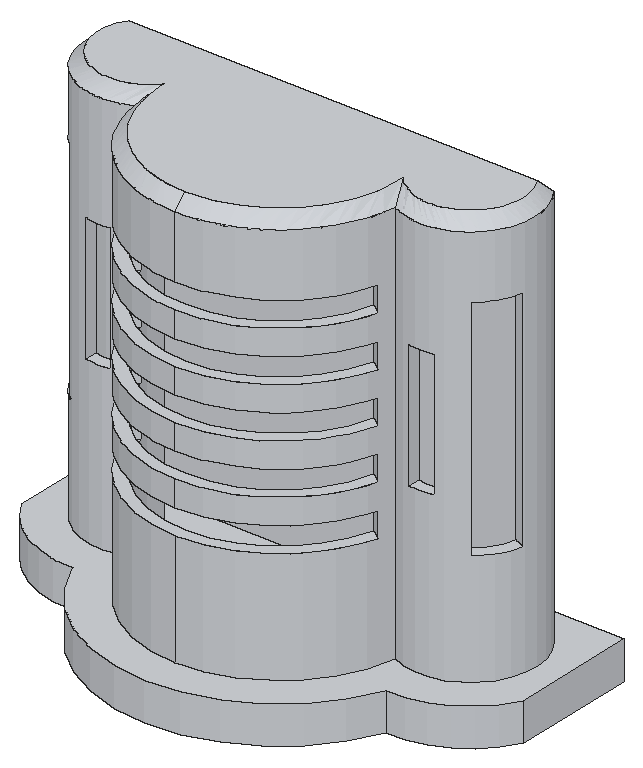
Revit family
Parameters (values of type "SBSP-007.5")
  Width = 4' - 5"
  URL = "www.strombergarchitectural.com"
  Top Material = GFRC
  Submittal Sheet = "www.strombergarchitectural.com/images/materials/gfrc/submittal/gfrc-submittal-sheet.pdf"
  Specifications = "www.strombergarchitectural.com/gfrcspecifications"
  Model Cut-sheet = "www.strombergarchitectural.com/products/bollards/design/SBSP-007"
  Model = "SBSP-007"
  Manufacturer = "Stromberg Architectural Products"
  Guidebook = "www.strombergarchitectural.com/images/materials/gfrc/handbooks/gfrc_guidebook.pdf"
  Frame Material = none
  Description = "GFRC Bollard"
  Assembly Code = ""
  Height = 4' - 0"
  XXX.5 = yes
  XXX.4 = no
  XXX.3 = no
  XXX.2 = no
  XXX.1 = no
Types (6): name | Width | Guidebook | Height | XXX.5 | XXX.4 | XXX.3 | XXX.2 | XXX.1
  (no name) | 4' - 5" | "www.strombergarchitectural.com/images/materials/gfrc/handbooks/gfrc_guidebook.pdf" | 4' - 0" | yes | no | no | no | no
  SBSP-007.3 | 3' - 4" | "www.strombergarchitectural.com/images/materials/gfrc/handbooks/gfrc_guidebook.pdf" | 3' - 0" | no | no | yes | no | no
  SBSP-007.1 | 2' - 2" | "www.strombergarchitectural.com/images/materials/gfrc/handbooks/gfrc_guidebook.pdf   \r\n(http://www.strombergarchitectural.com/images/materials/gfrc/handbooks/gfrc_guidebook.pdf" | 2' - 0" | no | no | no | no | yes
  SBSP-007.2 | 2' - 9" | "www.strombergarchitectural.com/images/materials/gfrc/handbooks/gfrc_guidebook.pdf" | 2' - 6" | no | no | no | yes | no
  SBSP-007.4 | 3' - 9" | "www.strombergarchitectural.com/images/materials/gfrc/handbooks/gfrc_guidebook.pdf" | 3' - 6" | no | yes | no | no | no
  SBSP-007.5 | 4' - 5" | "www.strombergarchitectural.com/images/materials/gfrc/handbooks/gfrc_guidebook.pdf" | 4' - 0" | yes | no | no | no | no
Reference planes (in)
  plane 1 "Center (Front/Back)": y = 3.74847
  plane 2: z = 0
  plane 3 "Center (Left/Right)": x = 0.7278
  plane 4: z = 4
  plane 5: z = 46.66667
  plane 6: z = 48
  plane 7: z = 2.5
Forms (in)
  Extrusion 1, solid, visible <- "XXX.1"
    sketch origin (0, 0, 0) x (1, 0, 0) y (0, 1, 0)
      loop
        line (-12.26803, 3.74847) -> (-12.26803, -2.74945)
        arc (-12.26803, -2.74945) -> (-10.24828, -4.8605) -> (-7.41018, -5.55413) r 5.21535
        arc (-7.41018, -5.55413) -> (0.7278, -11.03429) -> (8.86578, -5.55413) r 8.78249
        arc (8.86578, -5.55413) -> (11.70642, -4.86489) -> (13.72363, -2.74945) r 5.18826
        line (13.72363, -2.74945) -> (13.72363, 3.74847) -> (-12.26803, 3.74847)
    from 0 to 2
  Extrusion 2, solid, visible <- "XXX.1"
    sketch origin (13.72363, -48, 2) x (0, -1, 0) y (-1, 0, 0)
      loop
        line (-49.79909, 12.99583) -> (-49.17409, 12.99583) -> (-49.17409, 23.60586)
        arc (-49.17409, 23.60586) -> (-45.50977, 22.90617) -> (-45.94307, 19.20089) r 2.7386
        arc (-45.94307, 19.20089) -> (-41.42784, 17.454) -> (-39.54008, 12.99583) r 6.20812
        line (-39.54008, 12.99583) -> (-38.91508, 12.99583)
        arc (-38.91508, 12.99583) -> (-40.56727, 17.45111) -> (-44.72487, 19.75189) r 6.83312
        arc (-44.72487, 19.75189) -> (-45.58028, 23.88332) -> (-49.79909, 23.92896) r 3.3636
        line (-49.79909, 23.92896) -> (-49.79909, 12.99583)
    from -21.33333 to 0
  Blend 3, solid, visible <- "XXX.1"
    base sketch origin (12.34715, -48, 23.33333) x (0, -1, 0) y (1, 0, 0)
      loop
        arc (-49.79909, -22.55247) -> (-45.58028, -22.50684) -> (-44.72487, -18.37541) r 3.3636
        arc (-44.72487, -18.37541) -> (-40.56727, -16.07463) -> (-38.91508, -11.61935) r 6.83312
        arc (-38.91508, -11.61935) -> (-40.56727, -7.16408) -> (-44.72487, -4.8633) r 6.83312
        arc (-44.72487, -4.8633) -> (-45.58028, -0.73186) -> (-49.79909, -0.68623) r 3.3636
        line (-49.79909, -0.68623) -> (-49.79909, -22.55247)
    top sketch origin (12.34715, -48, 23.33333) x (0, -1, 0) y (1, 0, 0)
      loop
        arc (-49.17409, -22.22938) -> (-45.50977, -21.52969) -> (-45.94307, -17.82441) r 2.7386
        arc (-45.94307, -17.82441) -> (-41.42784, -16.07752) -> (-39.54008, -11.61935) r 6.20812
        arc (-39.54008, -11.61935) -> (-41.43859, -7.15079) -> (-45.97296, -5.4153) r 6.20812
        arc (-45.97296, -5.4153) -> (-45.496, -1.70291) -> (-49.17409, -1.00932) r 2.72773
        line (-49.17409, -1.00932) -> (-49.17409, -22.22938)
    from 0 to 0.66667
  Extrusion 4, void
    sketch origin (13.72363, -48, 2) x (-1, 0, 0) y (0, -1, 0)
      loop
        line (21.94852, -44.23355) -> (20.61518, -44.23355) -> (20.61518, -45.24417) -> (21.94852, -45.24417) -> (21.94852, -44.23355)
    from 8.66667 to 15.33333
  Extrusion 5, void
    sketch origin (13.72363, -48, 2) x (-1, 0, 0) y (0, -1, 0)
      loop
        line (24.90161, -47.44226) -> (24.16649, -45.62278) -> (23.28261, -46.50667) -> (23.83476, -47.8733) -> (24.90161, -47.44226)
    from 6 to 18
  Extrusion 6, solid, visible <- "XXX.1"
    sketch origin (-12.26803, -48, 2) x (0, 1, 0) y (1, 0, 0)
      loop
        line (49.79909, 12.99583) -> (49.79909, 23.92896)
        arc (49.79909, 23.92896) -> (45.58028, 23.88332) -> (44.72487, 19.75189) r 3.3636
        arc (44.72487, 19.75189) -> (40.56727, 17.45111) -> (38.91508, 12.99583) r 6.83312
        line (38.91508, 12.99583) -> (39.54008, 12.99583)
        arc (39.54008, 12.99583) -> (41.42784, 17.454) -> (45.94307, 19.20089) r 6.20812
        arc (45.94307, 19.20089) -> (45.50977, 22.90617) -> (49.17409, 23.60586) r 2.7386
        line (49.17409, 23.60586) -> (49.17409, 12.99583) -> (49.79909, 12.99583)
    from -21.33333 to 0
  Extrusion 7, void
    sketch origin (-12.26803, -48, 2) x (1, 0, 0) y (0, 1, 0)
      loop
        line (24.90161, 47.44226) -> (23.83476, 47.8733) -> (23.28261, 46.50667) -> (24.16649, 45.62278) -> (24.90161, 47.44226)
    from 6 to 18
  Extrusion 8, void
    sketch origin (-12.26803, -48, 2) x (1, 0, 0) y (0, 1, 0)
      loop
        line (21.94852, 44.23355) -> (21.94852, 45.24417) -> (20.61518, 45.24417) -> (20.61518, 44.23355) -> (21.94852, 44.23355)
    from 8.66667 to 15.33333
  Extrusion 9, void
    sketch origin (13.72363, -48, 2) x (-1, 0, 0) y (0, -1, 0)
      loop
        line (18.00699, -43.45546) -> (19.25984, -42.20261)
        arc (19.25984, -42.20261) -> (12.99583, -38.60354) -> (6.73183, -42.20261) r 7.25064
        line (6.73183, -42.20261) -> (7.78309, -43.45546)
        arc (7.78309, -43.45546) -> (12.89504, -40.26002) -> (18.00699, -43.45546) r 5.68668
    from 6 to 7.33333
  Extrusion 10, void
    sketch origin (13.72363, -48, 4.66667) x (-1, 0, 0) y (0, -1, 0)
      loop
        line (18.00699, -43.45546) -> (19.25984, -42.20261)
        arc (19.25984, -42.20261) -> (12.99583, -38.60354) -> (6.73183, -42.20261) r 7.25064
        line (6.73183, -42.20261) -> (7.78309, -43.45546)
        arc (7.78309, -43.45546) -> (12.89504, -40.26002) -> (18.00699, -43.45546) r 5.68668
    from 6 to 7.33333
  Extrusion 11, void
    sketch origin (13.72363, -48, 7.33333) x (-1, 0, 0) y (0, -1, 0)
      loop
        line (18.00699, -43.45546) -> (19.25984, -42.20261)
        arc (19.25984, -42.20261) -> (12.99583, -38.60354) -> (6.73183, -42.20261) r 7.25064
        line (6.73183, -42.20261) -> (7.78309, -43.45546)
        arc (7.78309, -43.45546) -> (12.89504, -40.26002) -> (18.00699, -43.45546) r 5.68668
    from 6 to 7.33333
  Extrusion 12, void
    sketch origin (13.72363, -48, 10) x (-1, 0, 0) y (0, -1, 0)
      loop
        line (18.00699, -43.45546) -> (19.25984, -42.20261)
        arc (19.25984, -42.20261) -> (12.99583, -38.60354) -> (6.73183, -42.20261) r 7.25064
        line (6.73183, -42.20261) -> (7.78309, -43.45546)
        arc (7.78309, -43.45546) -> (12.89504, -40.26002) -> (18.00699, -43.45546) r 5.68668
    from 6 to 7.33333
  Extrusion 13, void
    sketch origin (13.72363, -48, 12.66667) x (-1, 0, 0) y (0, -1, 0)
      loop
        line (18.00699, -43.45546) -> (19.25984, -42.20261)
        arc (19.25984, -42.20261) -> (12.99583, -38.60354) -> (6.73183, -42.20261) r 7.25064
        line (6.73183, -42.20261) -> (7.78309, -43.45546)
        arc (7.78309, -43.45546) -> (12.89504, -40.26002) -> (18.00699, -43.45546) r 5.68668
    from 6 to 7.33333
  Extrusion 14, solid, visible <- "XXX.2"
    sketch origin (0, 0, 0) x (1, 0, 0) y (0, 1, 0)
      loop
        line (-15.75137, 3.74847) -> (-15.75137, -4.49112)
        arc (-15.75137, -4.49112) -> (-13.17956, -7.18158) -> (-9.57168, -8.09593) r 6.73704
        arc (-9.57168, -8.09593) -> (0.7278, -14.99658) -> (11.02728, -8.09593) r 11.1365
        arc (11.02728, -8.09593) -> (14.63516, -7.18158) -> (17.20697, -4.49112) r 6.73704
        line (17.20697, -4.49112) -> (17.20697, 3.74847) -> (-15.75137, 3.74847)
    from 0 to 2.5
  Extrusion 15, void
    sketch origin (17.20697, -48, 2.5) x (-1, 0, 0) y (0, -1, 0)
      loop
        line (30.12521, -46.73915) -> (31.60127, -46.14278) -> (30.67451, -43.84896) -> (29.50879, -44.79294) -> (30.12521, -46.73915)
    from 7.5 to 22.5
  Extrusion 16, void
    sketch origin (-15.75137, -48, 2.5) x (1, 0, 0) y (0, 1, 0)
      loop
        line (30.12521, 46.73915) -> (29.50879, 44.79294) -> (30.67451, 43.84896) -> (31.60127, 46.14278) -> (30.12521, 46.73915)
    from 7.5 to 22.5
  Extrusion 17, void
    sketch origin (17.20697, -48, 2.5) x (-1, 0, 0) y (0, -1, 0)
      loop
        line (27.9044, -42.04561) -> (26.23773, -42.04561) -> (26.23773, -43.54672) -> (27.9044, -43.54672) -> (27.9044, -42.04561)
    from 10.83333 to 19.16667
  Extrusion 18, void
    sketch origin (-15.75137, -48, 2.5) x (1, 0, 0) y (0, 1, 0)
      loop
        line (27.9044, 42.04561) -> (27.9044, 43.54672) -> (26.23773, 43.54672) -> (26.23773, 42.04561) -> (27.9044, 42.04561)
    from 10.83333 to 19.16667
  Extrusion 19, void
    sketch origin (17.20697, -48, 2.5) x (-1, 0, 0) y (0, -1, 0)
      loop
        arc (9.76769, -41.04794) -> (16.47917, -36.70077) -> (23.19064, -41.04794) r 7.35443
        line (23.19064, -41.04794) -> (24.55065, -39.94662)
        arc (24.55065, -39.94662) -> (16.47917, -35.11765) -> (8.40768, -39.94662) r 9.1601
        line (8.40768, -39.94662) -> (9.76769, -41.04794)
    from 7.5 to 9.16667
  Extrusion 20, void
    sketch origin (17.20697, -48, 5.83333) x (-1, 0, 0) y (0, -1, 0)
      loop
        arc (9.76769, -41.04794) -> (16.47917, -36.70077) -> (23.19064, -41.04794) r 7.35443
        line (23.19064, -41.04794) -> (24.55065, -39.94662)
        arc (24.55065, -39.94662) -> (16.47917, -35.11765) -> (8.40768, -39.94662) r 9.1601
        line (8.40768, -39.94662) -> (9.76769, -41.04794)
    from 7.5 to 9.16667
  Extrusion 21, void
    sketch origin (17.20697, -48, 9.16667) x (-1, 0, 0) y (0, -1, 0)
      loop
        arc (9.76769, -41.04794) -> (16.47917, -36.70077) -> (23.19064, -41.04794) r 7.35443
        line (23.19064, -41.04794) -> (24.55065, -39.94662)
        arc (24.55065, -39.94662) -> (16.47917, -35.11765) -> (8.40768, -39.94662) r 9.1601
        line (8.40768, -39.94662) -> (9.76769, -41.04794)
    from 7.5 to 9.16667
  Extrusion 22, void
    sketch origin (17.20697, -48, 12.5) x (-1, 0, 0) y (0, -1, 0)
      loop
        arc (9.76769, -41.04794) -> (16.47917, -36.70077) -> (23.19064, -41.04794) r 7.35443
        line (23.19064, -41.04794) -> (24.55065, -39.94662)
        arc (24.55065, -39.94662) -> (16.47917, -35.11765) -> (8.40768, -39.94662) r 9.1601
        line (8.40768, -39.94662) -> (9.76769, -41.04794)
    from 7.5 to 9.16667
  Extrusion 23, void
    sketch origin (17.20697, -48, 15.83333) x (-1, 0, 0) y (0, -1, 0)
      loop
        arc (9.76769, -41.04794) -> (16.47917, -36.70077) -> (23.19064, -41.04794) r 7.35443
        line (23.19064, -41.04794) -> (24.55065, -39.94662)
        arc (24.55065, -39.94662) -> (16.47917, -35.11765) -> (8.40768, -39.94662) r 9.1601
        line (8.40768, -39.94662) -> (9.76769, -41.04794)
    from 7.5 to 9.16667
  Blend 24, solid, visible <- "XXX.2"
    base sketch origin (15.48636, -48, 29.16667) x (0, -1, 0) y (1, 0, 0)
      loop
        arc (-49.27659, -28.62214) -> (-43.92699, -28.56427) -> (-42.8423, -23.32548) r 4.26516
        arc (-42.8423, -23.32548) -> (-37.57032, -20.40801) -> (-35.47529, -14.75856) r 8.66463
        arc (-35.47529, -14.75856) -> (-37.57032, -9.10912) -> (-42.8423, -6.19165) r 8.66463
        arc (-42.8423, -6.19165) -> (-43.92699, -0.95285) -> (-49.27659, -0.89499) r 4.26516
        line (-49.27659, -0.89499) -> (-49.27659, -28.62214)
    top sketch origin (15.48636, -48, 29.16667) x (0, -1, 0) y (1, 0, 0)
      loop
        arc (-48.48407, -28.21245) -> (-43.83759, -27.32521) -> (-44.38702, -22.62679) r 3.47264
        arc (-44.38702, -22.62679) -> (-38.66156, -20.41167) -> (-36.26781, -14.75856) r 7.87211
        arc (-36.26781, -14.75856) -> (-38.66156, -9.10546) -> (-44.38702, -6.89034) r 7.87211
        arc (-44.38702, -6.89034) -> (-43.83759, -2.19192) -> (-48.48407, -1.30468) r 3.47264
        line (-48.48407, -1.30468) -> (-48.48407, -28.21245)
    from 0 to 0.83333
  Extrusion 25, solid, visible <- "XXX.3"
    sketch origin (0, 0, 0) x (1, 0, 0) y (0, 1, 0)
      loop
        line (-19.2722, 3.74847) -> (-19.2722, -6.25153)
        arc (-19.2722, -6.25153) -> (-16.15091, -9.51683) -> (-11.7722, -10.62653) r 8.17643
        arc (-11.7722, -10.62653) -> (0.7278, -19.00153) -> (13.2278, -10.62653) r 13.51586
        arc (13.2278, -10.62653) -> (17.60651, -9.51683) -> (20.7278, -6.25153) r 8.17643
        line (20.7278, -6.25153) -> (20.7278, 3.74847) -> (-19.2722, 3.74847)
    from 0 to 3
  Extrusion 26, solid, visible <- "XXX.3"
    sketch origin (20.7278, -48, 3) x (0, -1, 0) y (-1, 0, 0)
      loop
        line (-47.78662, 20) -> (-47.78662, 36.32836)
        arc (-47.78662, 36.32836) -> (-42.1474, 35.25156) -> (-42.81422, 29.5493) r 4.21458
        arc (-42.81422, 29.5493) -> (-35.86549, 26.86092) -> (-32.96031, 20) r 9.55401
        line (-32.96031, 20) -> (-31.99847, 20)
        arc (-31.99847, 20) -> (-34.54111, 26.85647) -> (-40.93946, 30.39726) r 10.51586
        arc (-40.93946, 30.39726) -> (-42.25591, 36.75535) -> (-48.74847, 36.82558) r 5.17643
        line (-48.74847, 36.82558) -> (-48.74847, 20) -> (-47.78662, 20)
    from -32 to 0
  Extrusion 27, solid, visible <- "XXX.3"
    sketch origin (-19.2722, -48, 3) x (0, 1, 0) y (1, 0, 0)
      loop
        line (47.78662, 20) -> (48.74847, 20) -> (48.74847, 36.82558)
        arc (48.74847, 36.82558) -> (42.25591, 36.75535) -> (40.93946, 30.39726) r 5.17643
        arc (40.93946, 30.39726) -> (34.54111, 26.85647) -> (31.99847, 20) r 10.51586
        line (31.99847, 20) -> (32.96031, 20)
        arc (32.96031, 20) -> (35.86549, 26.86092) -> (42.81422, 29.5493) r 9.55401
        arc (42.81422, 29.5493) -> (42.1474, 35.25156) -> (47.78662, 36.32836) r 4.21458
        line (47.78662, 36.32836) -> (47.78662, 20)
    from -32 to 0
  Extrusion 28, void
    sketch origin (20.7278, -48, 3) x (-1, 0, 0) y (0, -1, 0)
      loop
        line (38.12512, -44.49662) -> (36.8718, -41.68161) -> (35.51179, -42.78292) -> (36.70674, -45.12813) -> (38.12512, -44.49662)
    from 9 to 27
  Extrusion 29, void
    sketch origin (-19.2722, -48, 3) x (1, 0, 0) y (0, 1, 0)
      loop
        line (38.12512, 44.49662) -> (36.70674, 45.12813) -> (35.51179, 42.78292) -> (36.8718, 41.68161) -> (38.12512, 44.49662)
    from 9 to 27
  Extrusion 30, void
    sketch origin (20.7278, -48, 3) x (-1, 0, 0) y (0, -1, 0)
      loop
        line (33.93528, -41.67448) -> (33.93528, -40.28262) -> (31.93528, -40.28262) -> (31.93528, -41.67448) -> (33.93528, -41.67448)
    from 13 to 23
  Extrusion 31, void
    sketch origin (-19.2722, -48, 3) x (1, 0, 0) y (0, 1, 0)
      loop
        line (33.93528, 41.67448) -> (31.93528, 41.67448) -> (31.93528, 40.28262) -> (33.93528, 40.28262) -> (33.93528, 41.67448)
    from 13 to 23
  Extrusion 32, void
    sketch origin (20.7278, -48, 3) x (-1, 0, 0) y (0, -1, 0)
      loop
        line (28.65434, -39.47463) -> (30.01435, -38.37332)
        arc (30.01435, -38.37332) -> (20, -31.57624) -> (9.98565, -38.37332) r 10.77576
        line (9.98565, -38.37332) -> (11.34566, -39.47463)
        arc (11.34566, -39.47463) -> (20, -33.39577) -> (28.65434, -39.47463) r 9.19993
    from 9 to 11
  Extrusion 33, void
    sketch origin (20.7278, -48, 7) x (-1, 0, 0) y (0, -1, 0)
      loop
        line (28.65434, -39.47463) -> (30.01435, -38.37332)
        arc (30.01435, -38.37332) -> (20, -31.57624) -> (9.98565, -38.37332) r 10.77576
        line (9.98565, -38.37332) -> (11.34566, -39.47463)
        arc (11.34566, -39.47463) -> (20, -33.39577) -> (28.65434, -39.47463) r 9.19993
    from 9 to 11
  Extrusion 34, void
    sketch origin (20.7278, -48, 11.19641) x (-1, 0, 0) y (0, -1, 0)
      loop
        line (28.65434, -39.47463) -> (30.01435, -38.37332)
        arc (30.01435, -38.37332) -> (20, -31.57624) -> (9.98565, -38.37332) r 10.77576
        line (9.98565, -38.37332) -> (11.34566, -39.47463)
        arc (11.34566, -39.47463) -> (20, -33.39577) -> (28.65434, -39.47463) r 9.19993
    from 8.80359 to 10.80359
  Extrusion 35, void
    sketch origin (20.7278, -48, 15.19641) x (-1, 0, 0) y (0, -1, 0)
      loop
        line (28.65434, -39.47463) -> (30.01435, -38.37332)
        arc (30.01435, -38.37332) -> (20, -31.57624) -> (9.98565, -38.37332) r 10.77576
        line (9.98565, -38.37332) -> (11.34566, -39.47463)
        arc (11.34566, -39.47463) -> (20, -33.39577) -> (28.65434, -39.47463) r 9.19993
    from 8.80359 to 10.80359
  Extrusion 36, void
    sketch origin (20.7278, -48, 19.19641) x (-1, 0, 0) y (0, -1, 0)
      loop
        line (28.65434, -39.47463) -> (30.01435, -38.37332)
        arc (30.01435, -38.37332) -> (20, -31.57624) -> (9.98565, -38.37332) r 10.77576
        line (9.98565, -38.37332) -> (11.34566, -39.47463)
        arc (11.34566, -39.47463) -> (20, -33.39577) -> (28.65434, -39.47463) r 9.19993
    from 8.80359 to 10.80359
  Blend 37, solid, visible <- "XXX.3"
    base sketch origin (18.66308, -48, 35) x (0, -1, 0) y (1, 0, 0)
      loop
        arc (-48.74847, -34.65615) -> (-42.19244, -34.76871) -> (-40.93946, -28.33254) r 5.10218
        arc (-40.93946, -28.33254) -> (-34.54111, -24.79174) -> (-31.99847, -17.93528) r 10.51586
        arc (-31.99847, -17.93528) -> (-34.54111, -11.07881) -> (-40.93946, -7.53801) r 10.51586
        arc (-40.93946, -7.53801) -> (-42.25591, -1.17993) -> (-48.74847, -1.1097) r 5.17643
        line (-48.74847, -1.1097) -> (-48.74847, -34.65615)
    top sketch origin (18.66308, -48, 35) x (0, -1, 0) y (1, 0, 0)
      loop
        arc (-47.78662, -34.26364) -> (-42.1474, -33.18683) -> (-42.81422, -27.48458) r 4.21458
        arc (-42.81422, -27.48458) -> (-35.86549, -24.79619) -> (-32.96031, -17.93528) r 9.55401
        arc (-32.96031, -17.93528) -> (-35.86549, -11.07436) -> (-42.81422, -8.38597) r 9.55401
        arc (-42.81422, -8.38597) -> (-42.1474, -2.68372) -> (-47.78662, -1.60692) r 4.21458
        line (-47.78662, -1.60692) -> (-47.78662, -34.26364)
    from 0 to 1
  Extrusion 38, solid, visible <- "XXX.4"
    sketch origin (0, 0, 0) x (1, 0, 0) y (0, 1, 0)
      loop
        line (-21.78522, 3.74847) -> (-21.78522, -7.50804)
        arc (-21.78522, -7.50804) -> (-18.27174, -11.18363) -> (-13.34284, -12.43277) r 9.2038
        arc (-13.34284, -12.43277) -> (0.7278, -21.86009) -> (14.79844, -12.43277) r 15.21414
        arc (14.79844, -12.43277) -> (19.72734, -11.18363) -> (23.24082, -7.50804) r 9.2038
        line (23.24082, -7.50804) -> (23.24082, 3.74847) -> (-21.78522, 3.74847)
    from 0 to 3.5
  Extrusion 39, solid, visible <- "XXX.4"
    sketch origin (23.24082, -48, 3.5) x (0, -1, 0) y (-1, 0, 0)
      loop
        line (-47.28881, 22.51302) -> (-47.28881, 40.89306)
        arc (-47.28881, 40.89306) -> (-40.94101, 39.68095) -> (-41.69162, 33.2622) r 4.74415
        arc (-41.69162, 33.2622) -> (-33.86978, 30.23602) -> (-30.59956, 22.51302) r 10.75448
        line (-30.59956, 22.51302) -> (-29.51686, 22.51302)
        arc (-29.51686, 22.51302) -> (-32.37899, 30.23101) -> (-39.5813, 34.21671) r 11.83719
        arc (-39.5813, 34.21671) -> (-41.06316, 41.3737) -> (-48.37151, 41.45275) r 5.82685
        line (-48.37151, 41.45275) -> (-48.37151, 22.51302) -> (-47.28881, 22.51302)
    from -37.33333 to 0
  Extrusion 40, void
    sketch origin (23.24082, -48, 3.5) x (-1, 0, 0) y (0, -1, 0)
      loop
        line (42.82214, -43.52424) -> (41.30827, -40.12403) -> (39.88162, -41.27931) -> (41.40965, -44.15312) -> (42.82214, -43.52424)
    from 10.5 to 31.5
  Extrusion 41, void
    sketch origin (23.24082, -48, 3.5) x (-1, 0, 0) y (0, -1, 0)
      loop
        line (37.95053, -38.78781) -> (35.6172, -38.78781) -> (35.6172, -40.33493) -> (37.95053, -40.33493) -> (37.95053, -38.78781)
    from 15.16667 to 26.83333
  Extrusion 42, void
    sketch origin (23.24082, -48, 3.5) x (-1, 0, 0) y (0, -1, 0)
      loop
        line (32.33308, -38.53065) -> (34.27595, -36.95735)
        arc (34.27595, -36.95735) -> (22.51302, -28.97639) -> (10.75009, -36.95735) r 12.65901
        line (10.75009, -36.95735) -> (12.69296, -38.53065)
        arc (12.69296, -38.53065) -> (22.51302, -30.97722) -> (32.33308, -38.53065) r 10.16015
    from 10.5 to 12.83333
  Extrusion 43, void
    sketch origin (23.24082, -48, 8.16667) x (-1, 0, 0) y (0, -1, 0)
      loop
        line (32.33308, -38.53065) -> (34.27595, -36.95735)
        arc (34.27595, -36.95735) -> (22.51302, -28.97639) -> (10.75009, -36.95735) r 12.65901
        line (10.75009, -36.95735) -> (12.69296, -38.53065)
        arc (12.69296, -38.53065) -> (22.51302, -30.97722) -> (32.33308, -38.53065) r 10.16015
    from 10.5 to 12.83333
  Extrusion 44, void
    sketch origin (23.24082, -48, 12.83333) x (-1, 0, 0) y (0, -1, 0)
      loop
        line (32.33308, -38.53065) -> (34.27595, -36.95735)
        arc (34.27595, -36.95735) -> (22.51302, -28.97639) -> (10.75009, -36.95735) r 12.65901
        line (10.75009, -36.95735) -> (12.69296, -38.53065)
        arc (12.69296, -38.53065) -> (22.51302, -30.97722) -> (32.33308, -38.53065) r 10.16015
    from 10.5 to 12.83333
  Extrusion 45, void
    sketch origin (23.24082, -48, 17.5) x (-1, 0, 0) y (0, -1, 0)
      loop
        line (32.33308, -38.53065) -> (34.27595, -36.95735)
        arc (34.27595, -36.95735) -> (22.51302, -28.97639) -> (10.75009, -36.95735) r 12.65901
        line (10.75009, -36.95735) -> (12.69296, -38.53065)
        arc (12.69296, -38.53065) -> (22.51302, -30.97722) -> (32.33308, -38.53065) r 10.16015
    from 10.5 to 12.83333
  Extrusion 46, void
    sketch origin (23.24082, -48, 22.16667) x (-1, 0, 0) y (0, -1, 0)
      loop
        line (32.33308, -38.53065) -> (34.27595, -36.95735)
        arc (34.27595, -36.95735) -> (22.51302, -28.97639) -> (10.75009, -36.95735) r 12.65901
        line (10.75009, -36.95735) -> (12.69296, -38.53065)
        arc (12.69296, -38.53065) -> (22.51302, -30.97722) -> (32.33308, -38.53065) r 10.16015
    from 10.5 to 12.83333
  Blend 47, solid, visible <- "XXX.4"
    base sketch origin (20.83198, -48, 40.83333) x (0, -1, 0) y (1, 0, 0)
      loop
        arc (-48.37151, -38.92604) -> (-40.98394, -39.06235) -> (-39.5813, -31.80787) r 5.74069
        arc (-39.5813, -31.80787) -> (-32.37899, -27.82217) -> (-29.51686, -20.10418) r 11.83719
        arc (-29.51686, -20.10418) -> (-32.37899, -12.38619) -> (-39.5813, -8.40049) r 11.83719
        arc (-39.5813, -8.40049) -> (-41.06316, -1.2435) -> (-48.37151, -1.16445) r 5.82685
        line (-48.37151, -1.16445) -> (-48.37151, -38.92604)
    top sketch origin (20.83198, -48, 40.83333) x (0, -1, 0) y (1, 0, 0)
      loop
        arc (-47.28881, -38.48421) -> (-40.94101, -37.27211) -> (-41.69162, -30.85336) r 4.74415
        arc (-41.69162, -30.85336) -> (-33.87619, -27.82057) -> (-30.59956, -20.10418) r 10.77562
        arc (-30.59956, -20.10418) -> (-33.86337, -12.37457) -> (-41.69162, -9.35499) r 10.73348
        arc (-41.69162, -9.35499) -> (-40.94101, -2.93625) -> (-47.28881, -1.72414) r 4.74415
        line (-47.28881, -1.72414) -> (-47.28881, -38.48421)
    from 0 to 1.16667
  Extrusion 48, solid, visible <- "XXX.5"
    sketch origin (0, 0, 0) x (1, 0, 0) y (0, 1, 0)
      loop
        line (-25.75137, 3.74847) -> (-25.75137, -9.49112)
        arc (-25.75137, -9.49112) -> (-21.61891, -13.81423) -> (-15.82168, -15.28343) r 10.82525
        arc (-15.82168, -15.28343) -> (0.7278, -26.37158) -> (17.27728, -15.28343) r 17.89443
        arc (17.27728, -15.28343) -> (23.07452, -13.81423) -> (27.20697, -9.49112) r 10.82525
        line (27.20697, -9.49112) -> (27.20697, 3.74847) -> (-25.75137, 3.74847)
    from 0 to 4
  Extrusion 49, solid, visible <- "XXX.5"
    sketch origin (27.20697, -48, 4) x (0, -1, 0) y (-1, 0, 0)
      loop
        line (-46.50315, 26.47917) -> (-46.50315, 48.09723)
        arc (-46.50315, 48.09723) -> (-39.03705, 46.67159) -> (-39.9199, 39.12205) r 5.57993
        arc (-39.9199, 39.12205) -> (-30.72007, 35.56273) -> (-26.87374, 26.47917) r 12.64911
        line (-26.87374, 26.47917) -> (-25.60029, 26.47917)
        arc (-25.60029, 26.47917) -> (-28.96664, 35.55684) -> (-37.4378, 40.24471) r 13.92256
        arc (-37.4378, 40.24471) -> (-39.18071, 48.66255) -> (-47.77659, 48.75553) r 6.85337
        line (-47.77659, 48.75553) -> (-47.77659, 26.47917) -> (-46.50315, 26.47917)
    from -42.66667 to 0
  Extrusion 50, solid, visible <- "XXX.5"
    sketch origin (-25.75137, -48, 4) x (0, 1, 0) y (1, 0, 0)
      loop
        line (46.50315, 26.47917) -> (47.77659, 26.47917) -> (47.77659, 48.75553)
        arc (47.77659, 48.75553) -> (39.18071, 48.66255) -> (37.4378, 40.24471) r 6.85337
        arc (37.4378, 40.24471) -> (28.96664, 35.55684) -> (25.60029, 26.47917) r 13.92256
        line (25.60029, 26.47917) -> (26.87374, 26.47917)
        arc (26.87374, 26.47917) -> (30.72007, 35.56273) -> (39.9199, 39.12205) r 12.64911
        arc (39.9199, 39.12205) -> (39.03705, 46.67159) -> (46.50315, 48.09723) r 5.57993
        line (46.50315, 48.09723) -> (46.50315, 26.47917)
    from -42.66667 to 0
  Extrusion 51, void
    sketch origin (27.20697, -48, 4) x (-1, 0, 0) y (0, -1, 0)
      loop
        line (50.6686, -41.79662) -> (48.22699, -37.73308) -> (46.40098, -39.21176) -> (48.66028, -42.69078) -> (50.6686, -41.79662)
    from 12 to 36
  Extrusion 52, void
    sketch origin (-25.75137, -48, 4) x (1, 0, 0) y (0, 1, 0)
      loop
        line (50.6686, 41.79662) -> (48.66028, 42.69078) -> (46.40098, 39.21176) -> (48.22699, 37.73308) -> (50.6686, 41.79662)
    from 12 to 36
  Extrusion 53, void
    sketch origin (27.20697, -48, 4) x (-1, 0, 0) y (0, -1, 0)
      loop
        line (44.87204, -36.40417) -> (42.20537, -36.40417) -> (42.20537, -38.27103) -> (44.87204, -38.27103) -> (44.87204, -36.40417)
    from 17.33333 to 30.66667
  Extrusion 54, void
    sketch origin (-25.75137, -48, 4) x (1, 0, 0) y (0, 1, 0)
      loop
        line (44.87204, 36.40417) -> (44.87204, 38.27103) -> (42.20537, 38.27103) -> (42.20537, 36.40417) -> (44.87204, 36.40417)
    from 17.33333 to 30.66667
  Extrusion 55, void
    sketch origin (27.20697, -48, 4) x (-1, 0, 0) y (0, -1, 0)
      loop
        line (38.24209, -36.95735) -> (40.37924, -35.22672)
        arc (40.37924, -35.22672) -> (26.47917, -25.25559) -> (12.57909, -35.22672) r 14.67414
        line (12.57909, -35.22672) -> (14.71624, -36.95735)
        arc (14.71624, -36.95735) -> (26.47917, -27.40084) -> (38.24209, -36.95735) r 12.01764
    from 12 to 14.66667
  Extrusion 56, void
    sketch origin (27.20697, -48, 9.33333) x (-1, 0, 0) y (0, -1, 0)
      loop
        line (38.24209, -36.95735) -> (40.37924, -35.22672)
        arc (40.37924, -35.22672) -> (26.47917, -25.25559) -> (12.57909, -35.22672) r 14.67414
        line (12.57909, -35.22672) -> (14.71624, -36.95735)
        arc (14.71624, -36.95735) -> (26.47917, -27.40084) -> (38.24209, -36.95735) r 12.01764
    from 12 to 14.66667
  Extrusion 57, void
    sketch origin (27.20697, -48, 14.66667) x (-1, 0, 0) y (0, -1, 0)
      loop
        line (38.24209, -36.95735) -> (40.37924, -35.22672)
        arc (40.37924, -35.22672) -> (26.47917, -25.25559) -> (12.57909, -35.22672) r 14.67414
        line (12.57909, -35.22672) -> (14.71624, -36.95735)
        arc (14.71624, -36.95735) -> (26.47917, -27.40084) -> (38.24209, -36.95735) r 12.01764
    from 12 to 14.66667
  Extrusion 58, void
    sketch origin (27.20697, -48, 20) x (-1, 0, 0) y (0, -1, 0)
      loop
        line (38.24209, -36.95735) -> (40.37924, -35.22672)
        arc (40.37924, -35.22672) -> (26.47917, -25.25559) -> (12.57909, -35.22672) r 14.67414
        line (12.57909, -35.22672) -> (14.71624, -36.95735)
        arc (14.71624, -36.95735) -> (26.47917, -27.40084) -> (38.24209, -36.95735) r 12.01764
    from 12 to 14.66667
  Extrusion 59, void
    sketch origin (27.20697, -48, 25.33333) x (-1, 0, 0) y (0, -1, 0)
      loop
        line (38.24209, -36.95735) -> (40.37924, -35.22672)
        arc (40.37924, -35.22672) -> (26.47917, -25.25559) -> (12.57909, -35.22672) r 14.67414
        line (12.57909, -35.22672) -> (14.71624, -36.95735)
        arc (14.71624, -36.95735) -> (26.47917, -27.40084) -> (38.24209, -36.95735) r 12.01764
    from 12 to 14.66667
  Blend 60, solid, visible <- "XXX.5"
    base sketch origin (24.454, -48, 46.66667) x (0, -1, 0) y (1, 0, 0)
      loop
        arc (-47.77659, -46.00257) -> (-39.18071, -45.90959) -> (-37.4378, -37.49175) r 6.85337
        arc (-37.4378, -37.49175) -> (-28.96664, -32.80388) -> (-25.60029, -23.7262) r 13.92256
        arc (-25.60029, -23.7262) -> (-28.96664, -14.64853) -> (-37.4378, -9.96066) r 13.92256
        arc (-37.4378, -9.96066) -> (-39.18071, -1.54282) -> (-47.77659, -1.44984) r 6.85337
        line (-47.77659, -1.44984) -> (-47.77659, -46.00257)
    top sketch origin (24.454, -48, 46.66667) x (0, -1, 0) y (1, 0, 0)
      loop
        arc (-46.50315, -45.34427) -> (-39.03705, -43.91863) -> (-39.9199, -36.36908) r 5.57993
        arc (-39.9199, -36.36908) -> (-30.72007, -32.80977) -> (-26.87374, -23.7262) r 12.64911
        arc (-26.87374, -23.7262) -> (-30.72007, -14.64264) -> (-39.9199, -11.08332) r 12.64911
        arc (-39.9199, -11.08332) -> (-39.03705, -3.53378) -> (-46.50315, -2.10814) r 5.57993
        line (-46.50315, -2.10814) -> (-46.50315, -45.34427)
    from 0 to 1.33333
  Extrusion 61, solid, visible <- "XXX.4"
    sketch origin (-21.78522, -48, 3.5) x (0, 1, 0) y (1, 0, 0)
      loop
        line (47.28881, 22.51302) -> (48.37151, 22.51302) -> (48.37151, 41.45275)
        arc (48.37151, 41.45275) -> (41.06316, 41.3737) -> (39.5813, 34.21671) r 5.82685
        arc (39.5813, 34.21671) -> (32.37899, 30.23101) -> (29.51686, 22.51302) r 11.83719
        line (29.51686, 22.51302) -> (30.59956, 22.51302)
        arc (30.59956, 22.51302) -> (33.86978, 30.23602) -> (41.69162, 33.2622) r 10.75448
        arc (41.69162, 33.2622) -> (40.94101, 39.68095) -> (47.28881, 40.89306) r 4.74415
        line (47.28881, 40.89306) -> (47.28881, 22.51302)
    from -37.33333 to 0
  Extrusion 62, void
    sketch origin (-21.78522, -48, 3.5) x (1, 0, 0) y (0, 1, 0)
      loop
        line (42.82214, 43.52424) -> (41.40965, 44.15312) -> (39.88162, 41.27931) -> (41.30827, 40.12403) -> (42.82214, 43.52424)
    from 10.5 to 31.5
  Extrusion 63, void
    sketch origin (-21.78522, -48, 3.5) x (1, 0, 0) y (0, 1, 0)
      loop
        line (37.95053, 38.78781) -> (37.95053, 40.33493) -> (35.6172, 40.33493) -> (35.6172, 38.78781) -> (37.95053, 38.78781)
    from 15.16667 to 26.83333
  Extrusion 64, solid, visible <- "XXX.2"
    sketch origin (17.20697, -48, 2.5) x (0, -1, 0) y (-1, 0, 0)
      loop
        line (-49.27659, 16.47917) -> (-48.48407, 16.47917) -> (-48.48407, 29.93305)
        arc (-48.48407, 29.93305) -> (-43.83759, 29.04581) -> (-44.38702, 24.34739) r 3.47264
        arc (-44.38702, 24.34739) -> (-38.66156, 22.13228) -> (-36.26781, 16.47917) r 7.87211
        line (-36.26781, 16.47917) -> (-35.47529, 16.47917)
        arc (-35.47529, 16.47917) -> (-37.57032, 22.12861) -> (-42.8423, 25.04608) r 8.66463
        arc (-42.8423, 25.04608) -> (-43.92699, 30.28488) -> (-49.27659, 30.34274) r 4.26516
        line (-49.27659, 30.34274) -> (-49.27659, 16.47917)
    from -26.66667 to 0
  Extrusion 65, solid, visible <- "XXX.2"
    sketch origin (-15.75137, -48, 2.5) x (0, 1, 0) y (1, 0, 0)
      loop
        line (49.27659, 16.47917) -> (49.27659, 30.34274)
        arc (49.27659, 30.34274) -> (43.92699, 30.28488) -> (42.8423, 25.04608) r 4.26516
        arc (42.8423, 25.04608) -> (37.57032, 22.12861) -> (35.47529, 16.47917) r 8.66463
        line (35.47529, 16.47917) -> (36.26781, 16.47917)
        arc (36.26781, 16.47917) -> (38.66156, 22.13228) -> (44.38702, 24.34739) r 7.87211
        arc (44.38702, 24.34739) -> (43.83759, 29.04581) -> (48.48407, 29.93305) r 3.47264
        line (48.48407, 29.93305) -> (48.48407, 16.47917) -> (49.27659, 16.47917)
    from -26.66667 to 0
Cuts and joins
  Extrusion 9, Extrusion 10, Extrusion 11, Extrusion 12, Extrusion 13 cuts Extrusion 1
  Extrusion 4, Extrusion 5, Extrusion 7, Extrusion 8, Extrusion 9, Extrusion 10, Extrusion 11, Extrusion 12, Extrusion 13 cuts Extrusion 2
  Extrusion 9, Extrusion 10, Extrusion 11, Extrusion 12, Extrusion 13 cuts Blend 3
  Extrusion 7, Extrusion 8, Extrusion 9, Extrusion 10, Extrusion 11, Extrusion 12, Extrusion 13 cuts Extrusion 6
  joined: Extrusion 1, Extrusion 2, Blend 3, Extrusion 6
  Extrusion 28, Extrusion 30, Extrusion 32, Extrusion 33, Extrusion 34, Extrusion 35, Extrusion 36 cuts Extrusion 26
  Extrusion 29, Extrusion 31, Extrusion 32, Extrusion 33, Extrusion 34, Extrusion 35, Extrusion 36 cuts Extrusion 27
  joined: Extrusion 26, Extrusion 27
  Extrusion 51, Extrusion 52, Extrusion 53, Extrusion 54, Extrusion 55, Extrusion 56, Extrusion 57, Extrusion 58, Extrusion 59 cuts Extrusion 49
  Extrusion 52, Extrusion 54, Extrusion 55, Extrusion 56, Extrusion 57, Extrusion 58, Extrusion 59 cuts Extrusion 50
  joined: Extrusion 48, Extrusion 49, Extrusion 50, Blend 60
  Extrusion 62, Extrusion 63 cuts Extrusion 38
  Extrusion 40, Extrusion 41, Extrusion 42, Extrusion 43, Extrusion 44, Extrusion 45, Extrusion 46, Extrusion 62, Extrusion 63 cuts Extrusion 39
  Extrusion 62, Extrusion 63 cuts Blend 47
  Extrusion 42, Extrusion 43, Extrusion 44, Extrusion 45, Extrusion 46, Extrusion 62, Extrusion 63 cuts Extrusion 61
  joined: Extrusion 38, Extrusion 39, Blend 47, Extrusion 61
  Extrusion 32, Extrusion 33, Extrusion 34, Extrusion 35, Extrusion 36 cuts Blend 37
  Extrusion 17, Extrusion 18, Extrusion 19, Extrusion 20, Extrusion 21, Extrusion 22, Extrusion 23 cuts Blend 24
  Extrusion 15, Extrusion 17, Extrusion 19, Extrusion 20, Extrusion 21, Extrusion 22, Extrusion 23 cuts Extrusion 64
  Extrusion 16, Extrusion 18, Extrusion 19, Extrusion 20, Extrusion 21, Extrusion 22, Extrusion 23 cuts Extrusion 65
  joined: Extrusion 14, Blend 24, Extrusion 64, Extrusion 65
Dimensions and locks (in)
  aligned and locked: level to plane 2
